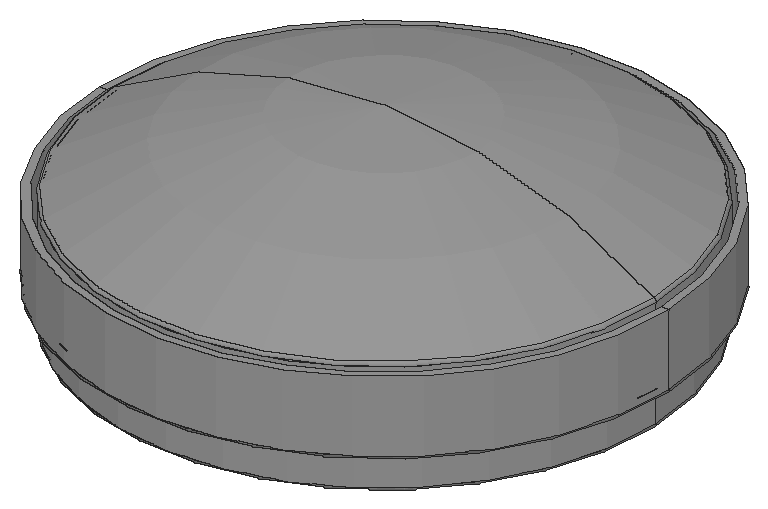
Revit family "3034781 Sylvania Lighting Fixture GIOTTO305 LED G2 3000K SURFACE 1-10V MW", category Lighting Fixtures, host Face, Revit 2016
Family settings
  Host = Face
  Part Type = Normal
  Round Connector Dimension = Use Diameter
  OmniClass Number = 23.80.70.00
  OmniClass Title = Lighting
  Cut with Voids When Loaded = No
  Light Source = Yes
  Shared = No
  Room Calculation Point = No
Parameters (values of type "3034781 GIOTTO305 LED G2 3000K SURFACE 1-10V MW")
  Weight = "1.11 kg"
  Wattage Comments = ""
  Wattage = 19 W
  WarrantyStartDate [instance] = "n/a"
  WarrantyGuarantorParts = "n/a"
  WarrantyDurationUnit = "n/a"
  WarrantyDurationParts = "n/a"
  WarrantyDescription = "n/a"
  built-in parameter 1150110 = 1 (stored number, unit not read)
  Voltage = 0 V
  URL = "http://www.sylvania-lighting.com"
  TypeName = "GIOTTO305 LED G2 3000K SURFACE 1-10V MW"
  Type Image = <None>
  Type Comments = "n/a"
  built-in parameter 1114217 = 1 (stored number, unit not read)
  Tilt Angle = -90.00°
  built-in parameter 1150109 = 1 (stored number, unit not read)
  built-in parameter 1150134 = (empty or 0)
  built-in parameter 1150113 = 1 (stored number, unit not read)
  SerialNumber [instance] = "n/a"
  Photometric Web File = "3034781.ies"
  Material_3_SYL = LED-Sylvania
  PowerFactor = 0
  PowerConsumption = "19 W"
  NominalLength = 305 mm
  NominalHeight = 104 mm
  NominalDepth = 305 mm
  Name = "GIOTTO305 LED G2 3000K SURFACE 1-10V MW"
  ModelReference = Name  # "GIOTTO305 LED G2 3000K SURFACE 1-10V MW"
  ModelNumber = "3034781"
  Model = Name  # "GIOTTO305 LED G2 3000K SURFACE 1-10V MW"
  Material = "polycarbonate housing, polycarbonate diffuser"
  ManufacturerName = "Feilo Sylvania"
  Manufacturer = "Feilo Sylvania"
  LuminousEfficacy = "78 lm/W"
  built-in parameter 1150105 = 117.93 (stored number, unit not read)
  Lumens = 1482 lm
  LuminaireType = ""
  built-in parameter 1150115 = 1 (stored number, unit not read)
  LightOutputRatio = "n/a"
  built-in parameter 1150137 = (empty or 0)
  built-in parameter 1150139 = (empty or 0)
  LampsType = Lamp  # "LED"
  LampNominalLuminous = "1491 lm"
  LampMacAdamStep = "n/a"
  LampColourTemperature = "3000 K"
  LampColourRenderingIndex = "80"
  built-in parameter 1150112 = 1 (stored number, unit not read)
  built-in parameter 1150114 = 1 (stored number, unit not read)
  Lamp = "LED"
  Keynote = "16500"
  InstallationDate [instance] = "n/a"
  InputVoltage = "n/a"
  InputNominalFrequency = "n/a"
  built-in parameter 1150132 = (empty or 0)
  built-in parameter 1150102 = (empty or 0)
  built-in parameter 1150107 = 3000 (stored number, unit not read)
  built-in parameter 1150138 = (empty or 0)
  IngressProtection = "IP44"
  ImpactProtectionIndex = "IK10"
  built-in parameter 1150106 = 1.1793 (stored number, unit not read)
  IfcExportType = "IfcLightFixtureType"
  IfcExportAs = "IfcLightFixtureType"
  Height_SYL = 104 mm
  ExpectedLife = 50000
  Emit from Circle Diameter = 317 mm
  Emit Shape Visible in Rendering = no
  ElectricShockClassification = "Class I"
  built-in parameter 1150104 = 7.2464 (stored number, unit not read)
  DurationUnit = "hours"
  DocumentationLiterature = "http://www.sylvania-lighting.com/product/en-int/products/3034781"
  DimmingControlOptions = "n/a"
  Material_2_SYL = Polycarbonate_Sylvania_Giotto_Opal
  Dimming Lamp Color Temperature Shift = <None>
  DiffuserRadius_SYL = 282.611 mm
  Diameter_SYL = 305 mm
  Description = "Ambient and decorative round, surface mounted LED bulkhead luminaire. White robust polycarbonate body with opal diffuser, 1491 lm, 19W, 78lm/W, 3000K, CRI 80, 1-10V dimmable, integral microwave sensor. 50,000 hours lumen maintenance. Drive current: 700mA, IP44, IK10, Class I, 220-240V, Energy class: A++, A+, A."
  Default Elevation = 1219.2 mm
  CreatedOn = "11/7/2018"
  CreatedBy = "@sylvania-lighting.com"
  Cost = 0
  Color Filter = 16777215
  built-in parameter 1114216 [instance] = (empty or 0)
  ClassificationValue = "EF_70_80"
  ClassificationName = "Uniclass2015"
  Material_1_SYL = Polycarbonate_Sylvania_Giotto_White
  BarCode [instance] = "n/a"
  built-in parameter 1114218 = 1 (stored number, unit not read)
  built-in parameter 1150133 = 10 (stored number, unit not read)
  AssetType = "Fixed"
  AssetIdentifier [instance] = "n/a"
  Assembly Code = "D5020200"
  Apparent Load = 19 VA
  Material_4_SYL = none
Reference planes
  plane 1 "Center (Front/Back)": y = 0
  plane 2: z = 0
  plane 3 "Center (Left/Right)": x = 0
  plane 4: x = 152.5
  plane 5: x = -152.5
  plane 6: x = -145.5
  plane 7: x = -148.5
  plane 8: z = 104
  plane 9: z = 59
  plane 10: z = 19
  plane 11: z = 24
  plane 12: x = -150.9
  plane 13: z = 20.6
  plane 14: z = 1.6
  plane 15: x = -143.9
  plane 16: z = 18
  plane 17: x = -146.5
  plane 18: z = 25
  plane 19: z = 61
Forms (mm)
  Revolve 1, solid, material "Polycarbonate_Sylvania_Giotto_White" <- "Material_1_SYL"
    sketch origin (0, 0, 0) x (1, 0, 0) y (0, 0, 1)
      loop
        line (0, 0) -> (0, 25) -> (-143.9, 25) -> (-143.9, 24) -> (-148.5, 24) -> (-148.5, 59) -> (-152.5, 59) -> (-152.5, 20.6)
        arc (-152.5, 20.6) -> (-152.031, 19.469) -> (-150.9, 19) r 1.6
        line (-150.9, 19) -> (-146.5, 19)
        arc (-146.5, 19) -> (-145.793, 18.707) -> (-145.5, 18) r 1
        line (-145.5, 18) -> (-145.5, 1.6)
        arc (-145.5, 1.6) -> (-145.031, 0.469) -> (-143.9, 0) r 1.6
        line (-143.9, 0) -> (0, 0)
      axis (0, 59) -> (0, 0)
    angle from 360 to 0
  Revolve 2, solid, material "Polycarbonate_Sylvania_Giotto_Opal" <- "Material_2_SYL"
    sketch origin (0, 0, 0) x (1, 0, 0) y (0, 0, 1)
      loop
        line (-145.5, 24) -> (-143.9, 24) -> (-143.9, 59.636)
        arc (-143.9, 59.636) -> (-143.79, 60.068) -> (-143.485, 60.394) r 0.9
        arc (-143.485, 60.394) -> (-74.754, 91.683) -> (0, 102.4) r 266.066
        line (0, 102.4) -> (0, 104)
        arc (0, 104) -> (-75.203, 93.218) -> (-144.348, 61.742) r 267.666
        arc (-144.348, 61.742) -> (-145.193, 60.836) -> (-145.5, 59.636) r 2.5
        line (-145.5, 59.636) -> (-145.5, 24)
      axis (0, 104) -> (0, 24)
    angle from 360 to 0
Dimensions and locks
  equal spacing: plane 4, plane 3 "Center (Left/Right)", plane 5
  "Diameter_SYL": plane 4 to plane 5
  locked: plane 6 to plane 5 at 7
  locked: plane 7 to plane 5 at 4
  "Height_SYL": plane 8 to plane 2
  locked: plane 8 to plane 9 at 45
  locked: plane 9 to plane 10 at 40
  Revolve 1 sketch curve to Revolve 1 sketch curve = 4.4 mm
  locked: plane 11 to plane 10 at 5
  locked: plane 12 to plane 5 at 1.6
  locked: plane 13 to plane 10 at 1.6
  locked: plane 14 to plane 2 at 1.6
  locked: plane 15 to plane 6 at 1.6
  locked: plane 6 to plane 17 at 1
  locked: plane 10 to plane 16 at 1
  locked: plane 18 to plane 11 at 1
  locked: plane 19 to plane 9 at 2
  aligned and locked: plane 2 to host face
  aligned and locked: level to host face
  aligned and locked: Revolve 1 sketch curve to plane 3 "Center (Left/Right)"
  aligned and locked: level to Revolve 1 sketch curve
  aligned and locked: Revolve 1 sketch curve to plane 10
  aligned and locked: plane 9 to Revolve 1 sketch curve
  aligned and locked: Revolve 1 sketch curve to plane 7
  aligned and locked: plane 12 to Revolve 1 sketch curve  (x2)
  aligned and locked: plane 13 to Revolve 1 sketch curve  (x2)
  aligned and locked: plane 15 to Revolve 1 sketch curve  (x3)
  aligned and locked: plane 14 to Revolve 1 sketch curve  (x2)
  aligned and locked: plane 3 "Center (Left/Right)" to imposter light
  aligned and locked: imposter light to plane 1 "Center (Front/Back)"
  aligned and locked: plane 18 to Revolve 1 sketch curve
  aligned and locked: plane 11 to Revolve 1 sketch curve
  aligned and locked: imposter light to plane 8
  aligned and locked: plane 6 to Revolve 1 sketch curve
  aligned and locked: plane 17 to Revolve 1 sketch curve
  aligned and locked: plane 16 to Revolve 1 sketch curve
  aligned and locked: Revolve 2 sketch curve to plane 3 "Center (Left/Right)"
  aligned and locked: plane 6 to Revolve 2 sketch curve
  aligned and locked: plane 3 "Center (Left/Right)" to Revolve 2 sketch curve
  aligned and locked: plane 11 to Revolve 2 sketch curve
  aligned and locked: Revolve 2 sketch curve to imposter light
Automatic sketch dimensions
  host sketch curve to host sketch curve = 2438.4 mm  (x2)
  Revolve 1 sketch curve to plane 3 "Center (Left/Right)" = 0 mm
  Revolve 1 sketch curve to level = 609.6 mm
  Revolve 1 sketch curve to plane 8 = 2499.058 mm
  Revolve 2 sketch curve to Revolve 2 sketch curve = 0 mm  (x4)
  Revolve 2 sketch curve to plane 15 = 0 mm
  Revolve 2 sketch curve to plane 8 = 0 mm
  plane 15 to Revolve 2 sketch curve = 0.9 mm
  Revolve 2 sketch curve to level = 163.666 mm
  Revolve 2 sketch curve to plane 9 = 0.636 mm
  Revolve 2 sketch curve to Revolve 2 sketch curve = 445.934 mm
  Revolve 2 sketch curve to plane 8 = 2505.058 mm
Connectors
  electrical at (0, 0, 0), driven by "Apparent Load", driven by "PowerFactor", driven by "Voltage"
    settings: index 1, voltage 0 V, apparent load 19 VA, apparent load phase1 0 VA, apparent load phase2 0 VA, apparent load phase3 0 VA, power factor 0, load classification "Lighting", number of poles 1, system type 30, power factor state 1, is connector primary yes, connector utility no, sub classification motor no, connector description ""
